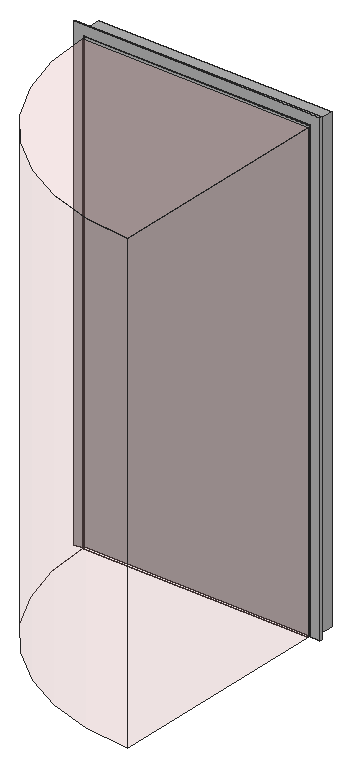
Revit family "ASSA ABLOY - ALPE PLUS Sp 60-1, single-leaf, angular frame", category Doors, host Wall, Revit 2021
Family settings
  Host = Wall
  OmniClass Number = 23.30.10.00
  OmniClass Title = Doors
  Always vertical = Yes
  Cut with Voids When Loaded = No
  Shared = No
  Room Calculation Point = No
Parameters (values of type "900 x 2000 (912 x 2008)")
  URL = "https://www.assaabloy.com/pl/pl"
  Type Comments = "Door leaf made of two pressed galvanised steel sheets 1,25mm thick, reinforced with steel profile. Filled with mineral wool glued to the sheets with polyurethane adhesive. Non-rebated door."
  Symbol Radius = Door Leaf Width + 6.500 mm  # 1000.500 mm
  Rough Width Real = Width Round + Rough Width Conversion + Rough Width Adjustment  # 1028.000 mm
  Rough Width Conversion = 128.000 mm  # constant formula
  Rough Width Adjustment = 0.000 mm  # constant formula
  Rough Height Real = Height Round + Rough Height Conversion + Rough Height Adjustment  # 2042.000 mm
  Rough Height Conversion = 42.000 mm  # constant formula
  Rough Height Adjustment = 0.000 mm  # constant formula
  Opening Zone [instance] = yes
  Model = "Doorset_Steel non-rebated door evacuation door (EN 1125)_ASSA ABLOY Opening Solutions_Hardware 3D"
  Hinges Material = Default steel
  HW Item 8 = "1x 206253: Vercy door stopper, max 120 kg_ASSA ABLOY (option) "
  Frame Finish [instance] = ""
  Fire Rating NFR (0) = [Fire Rating - Set Value (0-2)] = 0  # yes
  Fire Rating EI60 (2) = [Fire Rating - Set Value (0-2)] = 2  # no
  Fire Rating EI30 (1) = [Fire Rating - Set Value (0-2)] = 1  # no
  Fire Rating - Set Value (0-2) = 0
  Fire Rating = if([Fire Rating NFR (0)], "NFR", if([Fire Rating EI30 (1)], "EI30", if([Fire Rating EI60 (2)], "EI60", "0")))  # "NFR"
  Width Round = roundup((Width / 5.000 mm)) * 5.000 mm  # 900.000 mm
  Thickness = 60.000 mm  # constant formula
  Smoke Rating = "Sa, S200 (optional)"
  Rough Width = Width Round + 12.000 mm + Rough Width Conversion + Rough Width Adjustment  # 1040.000 mm
  Rough Height = Height Round + 8.000 mm + Rough Height Conversion + Rough Height Adjustment  # 2050.000 mm
  Readme = "The actual lintel height is consistent with the Rough Height parameter.\nThe final HW Set should be consistent with the function of the door and its  parameters.\nHardware mounted on door surface may affect the clear passage opening. For verification, please contact the specification department.\nFor the corner door frame installed in a steel structure and plasterboard walls, add 3 cm per each leaf to the width of the Rough Width opening."
  Provider = "ASSA ABLOY Opening Solutions"
  Product Group = "Single-Steel-Non rebated-Evacuation (EN 1125)"
  Name = "Steel non-rebated door evacuation door (EN 1125)"
  Min Door Width = 510.000 mm
  Min Door Height = 1635.000 mm
  Mechanical Strength = 4
  Max Door Width = 1150.000 mm
  Max Door Height = 2400.000 mm
  Manufacturer = "ASSA ABLOY"  # constant formula
  IfcExportType = "USERDEFINED"
  IfcExportAs = "IfcDoorType"
  Height Round = roundup((Height / 5.000 mm)) * 5.000 mm  # 2000.000 mm
  Hardware Set = "1.15PL"
  HW Item 7 = "1x H704: U-shape single handle, round rosette,  class 4 (EN1906), stainless steel_ASSA ABLOY"
  HW Item 6 = "1x N2000: One System panic device (EN1125), type A (crossbar)_ASSA ABLOY"
  HW Item 5 = "1x SK6 Radius: euro profile cylinder_IKON"
  HW Item 4 = "1x N11xx: mechanical, panic mortice lockcase_ASSA ABLOY"
  HW Item 3 = "1x A153: mechanical opening damper_ASSA ABLOY (option)"
  HW Item 2 = "1x G195: door closer guide rail_ASSA ABLOY"
  HW Item 1 = "1x DC700/ DC500: door closer, Cam-Motion®_ASSA ABLOY"
  Function = Interior
  Height = 2000.000 mm
  Wall Closure = By host
  Width = 900.000 mm
  Frame Type = "Welded steel corner frame, made of galvanised sheet 1,8mm thick."
  Frame Material = Default steel
  Family name = "1.15_DOORSET_ALPE PLUS Sp 60-1_SINGLE-LEAF_CORNER FRAME_ASSA ABLOY PL"
  Environmental Product Declaration (EPD) = "To be confirmed with Provider"  # constant formula
  Environmental Management System = "To be confirmed with Provider"  # constant formula
  Edition number = "1"
  Door Type = "ALPE PLUS Sp 60-1"
  Door Material = Default steel
  Door Leaf Width = Width Round + 94.000 mm + Rough Width Adjustment  # 994.000 mm
  Door Finish Push Side [instance] = ""
  Door Finish Pull Side [instance] = ""
  Description = "ALPE PLUS Sp 60-1, door leaf made of two pressed galvanised steel sheets 1,25mm thick, reinforced with steel profile. Filled with mineral wool glued to the sheets with polyurethane adhesive. Non-rebated door. Stainless steel hinges with 3D regulation. Mechanical durability – class C5 according to PN-EN 16034:2014. Mechanical strength – class 4 according to PN-EN 1192:2001. Welded steel corner frame, made of galvanised sheet 1,8mm thick."
  Date of publishing = ""
  Contact Provider = "https://www.assaabloy.com/pl/pl/solutions/topics/bim-specification/contact"
  Brand = "ASSA ABLOY Mercor Doors Sp. z o. o."  # constant formula
  Author = "www.archispace.pl"
Types (5, lengths in mm): name | Symbol Radius | Rough Width Real | Rough Height Real | Width Round | Rough Width | Rough Height | Height Round | Height | Width | Door Leaf Width
  900 x 2100 (912 x 2108) | 1000.500 | 1028.000 | 2142.000 | 900.000 | 1040.000 | 2150.000 | 2100.000 | 2100.000 | 900.000 | 994.000
  510 x 1635 (522 x 1643) | 610.500 | 638.000 | 1677.000 | 510.000 | 650.000 | 1685.000 | 1635.000 | 1635.000 | 510.000 | 604.000
  900 x 2000 (912 x 2008) | 1000.500 | 1028.000 | 2042.000 | 900.000 | 1040.000 | 2050.000 | 2000.000 | 2000.000 | 900.000 | 994.000
  1000 x 2100 (1012 x 2108) | 1100.500 | 1128.000 | 2142.000 | 1000.000 | 1140.000 | 2150.000 | 2100.000 | 2100.000 | 1000.000 | 1094.000
  1150 x 2400 (1162 x 2408) | 1250.500 | 1278.000 | 2442.000 | 1150.000 | 1290.000 | 2450.000 | 2400.000 | 2400.000 | 1150.000 | 1244.000
Reference planes
  plane 1: y = 0
  plane 2 "Center (Left/Right)": x = 0
  plane 3: z = 2050
  plane 4 "Exterior": y = 120
  plane 5 "Interior": y = -120
  plane 6: x = -514
  plane 7: x = 514
  plane 8: z = 2000
  plane 9: y = -129
  plane 10: x = -497
  plane 11: x = 497
  plane 12: z = 2025
  plane 13: z = 5
  plane 14: y = -142
  plane 15: x = 503.5
  plane 16: x = -520
  plane 17: x = 520
  plane 18: x = -472
  plane 19: x = 472
  plane 20: z = 2042
  plane 21: y = -64
  plane 22: y = -53
  plane 23: y = -28.4
  plane 24: y = -24.9
Forms (mm)
  Sweep 1, solid, material "Default steel" <- "Frame Material"
    path origin (0, -120, 0) x (1, 0, 0) y (0, 0, 1)
      loop
        line (-514, 0) -> (-514, 2042) -> (514, 2042) -> (514, 0)
    profile origin (-514, -120, 1021) x (-1, 0, 0) y (0, -1, 0)
      loop
        line (-12, -56) -> (-21.5, -56) -> (-21.5, -67) -> (-36.5, -67) -> (-36.5, -56) -> (-42, -56) -> (-42, -95.1) -> (-10, -95.1) -> (-10, -91.6) -> (0, -91.6) -> (0, 0) -> (30, 0) -> (30, 9) -> (-12, 9) -> (-12, -56)
  Sweep 2, solid, material "Default steel" <- "Door Material"
    path origin (-5000, -120, 0) x (1, 0, 0) y (0, 0, 1)
      loop
        line (5000, 5) -> (5000, 2025)
    profile origin (0, -120, 1015) x (-1, 0, 0) y (0, -1, 0)
      loop
        line (497, -53.5) -> (497, 8.5) -> (-497, 8.5) -> (-497, -53.5) -> (497, -53.5)
  Sweep 3, solid, material "Opening zone", visible <- "Opening Zone"
    path origin (-5000, 0, 0) x (-1, 0, 0) y (0, 0, 1)
      loop
        line (-5000, 5) -> (-5000, 2025)
    profile origin (0, 0, 1015) x (1, 0, 0) y (0, 1, 0)
      loop
        line (503.5, -142) -> (-497, -142)
        arc (-497, -142) -> (-203.96, -849.46) -> (503.5, -1142.5) r 1000.5
        line (503.5, -1142.5) -> (503.5, -142)
Lines and regions (mm)
  Masking region 1, detail levels fine
    outline origin (-1177.682, -300, 2052) x (-1, 0, 0) y (0, -1, 0)
      loop
        line (-675.682, -236) -> (-685.182, -236) -> (-685.182, -247) -> (-700.182, -247) -> (-700.182, -236) -> (-705.682, -236) -> (-705.682, -275.1) -> (-673.682, -275.1) -> (-673.682, -271.6) -> (-663.682, -271.6) -> (-663.682, -180) -> (-633.682, -180) -> (-633.682, -171) -> (-675.682, -171) -> (-675.682, -236)
      loop
        line (-1679.682, -236) -> (-1679.682, -171) -> (-1721.682, -171) -> (-1721.682, -180) -> (-1691.682, -180) -> (-1691.682, -271.6) -> (-1681.682, -271.6) -> (-1681.682, -275.1) -> (-1649.682, -275.1) -> (-1649.682, -236) -> (-1655.182, -236) -> (-1655.182, -247) -> (-1670.182, -247) -> (-1670.182, -236) -> (-1679.682, -236)
  Masking region 2, detail levels medium
    outline origin (-1132.682, -300, 2052) x (-1, 0, 0) y (0, -1, 0)
      loop
        line (-618.682, -275.1) -> (-618.682, -180) -> (-588.682, -180) -> (-588.682, -171) -> (-660.682, -171) -> (-660.682, -275.1) -> (-618.682, -275.1)
      loop
        line (-1646.682, -275.1) -> (-1604.682, -275.1) -> (-1604.682, -171) -> (-1676.682, -171) -> (-1676.682, -180) -> (-1646.682, -180) -> (-1646.682, -275.1)
  Masking region 3, detail levels fine
    outline origin (-1132.682, -300, 2052) x (-1, 0, 0) y (0, -1, 0)
      loop
        circle (-1636.182, -158) r 10
  Opening 1
    outline origin (-5000, -120, 0) x (1, 0, 0) y (0, 0, 1)
      loop
        line (4480, 2050) -> (4480, 0) -> (5520, 0) -> (5520, 2050) -> (4480, 2050)
  symbolic lines, style "Elevation Swing"
    curve 1: line (-472, -120, 1025) -> (472, -120, 2000)
    curve 2: line (-472, -120, 1025) -> (472, -120, 5)
Text (mm)
  text "Exterior" at (-1376.75, 1099.543, 0), in view "Ref. Level"
  text "Exterior" at (0, 1615.38, 3698.081), in view "Left"
  text "Exterior" at (0, 1036.032, 3874.932), in view "Right"
Dimensions and locks
  "Rough Height": plane 3 to host wall
  equal spacing: host wall, curve 2, plane 3
  host wall to plane 3 = 2050.000 mm
  locked: plane 4 "Exterior" to host wall
  locked: plane 5 "Interior" to host wall
  equal spacing: plane 6, plane 2 "Center (Left/Right)", plane 7
  "Rough Width Real": plane 6 to plane 7
  "Height": plane 8 to level
  locked: plane 9 to plane 5 "Interior" at 9
  locked: plane 11 to plane 7 at 17
  locked: plane 13 to level at 5
  locked: plane 14 to plane 5 "Interior" at 22
  locked: plane 15 to plane 7 at 10.5
  equal spacing: plane 17, plane 2 "Center (Left/Right)", plane 16
  "Rough Width": plane 17 to plane 16
  locked: plane 6 to plane 10 at 17
  locked: plane 6 to plane 18 at 42
  locked: plane 19 to plane 7 at 42
  "Rough Height Real": plane 20 to level
  locked: plane 20 to plane 12 at 17
  locked: plane 5 "Interior" to plane 21 at 56
  locked: plane 22 to plane 21 at 11
  locked: plane 23 to plane 22 at 24.6
  locked: plane 24 to plane 23 at 3.5
  locked: Masking region 1 sketch curve to plane 6 at 30
  locked: plane 6 to Masking region 1 sketch curve at 12
  locked: plane 6 to Masking region 1 sketch curve at 21.5
  locked: plane 6 to Masking region 1 sketch curve at 36.5
  locked: plane 6 to Masking region 1 sketch curve at 42
  locked: plane 6 to Masking region 1 sketch curve at 10
  locked: plane 7 to Masking region 1 sketch curve at 30
  locked: Masking region 1 sketch curve to plane 7 at 12
  locked: Masking region 1 sketch curve to plane 7 at 21.5
  locked: Masking region 1 sketch curve to plane 7 at 36.5
  locked: Masking region 1 sketch curve to plane 7 at 42
  locked: Masking region 1 sketch curve to plane 7 at 10
  locked: Masking region 2 sketch curve to plane 6 at 30
  locked: plane 6 to Masking region 2 sketch curve at 42
  locked: Masking region 2 sketch curve to plane 7 at 42
  locked: plane 7 to Masking region 2 sketch curve at 30
  locked: Sweep 1 sketch curve to plane 6 at 30
  locked: plane 6 to Sweep 1 sketch curve at 12
  locked: plane 6 to Sweep 1 sketch curve at 21.5
  locked: plane 6 to Sweep 1 sketch curve at 36.5
  locked: plane 6 to Sweep 1 sketch curve at 42
  locked: plane 6 to Sweep 1 sketch curve at 10
  "Symbol Radius": radius of Sweep 3 sketch curve
  aligned and locked: plane 1 to host wall
  aligned and locked: level to Sweep 1 sketch curve  (x2)
  aligned and locked: Sweep 1 sketch curve to plane 6  (x2)
  aligned and locked: plane 7 to Sweep 1 sketch curve
  aligned and locked: plane 2 "Center (Left/Right)" to Sweep 2 sketch curve
  aligned and locked: nested 1 to plane 2 "Center (Left/Right)"
  aligned and locked: plane 5 "Interior" to nested 1
  aligned and locked: plane 2 "Center (Left/Right)" to Sweep 3 sketch curve
  aligned and locked: plane 12 to Sweep 2 sketch curve
  aligned and locked: plane 11 to Sweep 2 sketch curve
  aligned and locked: plane 10 to Sweep 2 sketch curve
  aligned and locked: plane 14 to Masking region 3 sketch curve
  aligned and locked: plane 14 to Sweep 3 sketch curve
  aligned and locked: plane 15 to Masking region 3 sketch curve
  aligned and locked: Sweep 3 sketch curve to plane 15
  aligned and locked: level to Opening 1 sketch curve
  aligned and locked: plane 3 to Opening 1 sketch curve
  aligned and locked: plane 16 to Opening 1 sketch curve
  aligned and locked: Opening 1 sketch curve to plane 17
  aligned and locked: Sweep 1 sketch curve to plane 20
  aligned and locked: plane 13 to Sweep 2 sketch curve
  aligned and locked: plane 23 to Masking region 1 sketch curve
  aligned and locked: plane 24 to Masking region 1 sketch curve
  aligned and locked: Masking region 1 sketch curve to plane 22
  aligned and locked: Masking region 1 sketch curve to plane 21  (x2)
  aligned and locked: plane 21 to Masking region 1 sketch curve  (x2)
  aligned and locked: plane 9 to Masking region 1 sketch curve
  aligned and locked: plane 5 "Interior" to Masking region 1 sketch curve
  aligned and locked: Masking region 1 sketch curve to plane 6
  aligned and locked: Masking region 1 sketch curve to plane 24
  aligned and locked: Masking region 1 sketch curve to plane 23
  aligned and locked: plane 22 to Masking region 1 sketch curve
  aligned and locked: Masking region 1 sketch curve to plane 9
  aligned and locked: Masking region 1 sketch curve to plane 5 "Interior"
  aligned and locked: Masking region 2 sketch curve to plane 6
  aligned and locked: Sweep 1 sketch curve to plane 21
  aligned and locked: plane 21 to Sweep 1 sketch curve
  aligned and locked: Sweep 1 sketch curve to plane 22
  aligned and locked: plane 24 to Sweep 1 sketch curve
  aligned and locked: plane 23 to Sweep 1 sketch curve
  aligned and locked: plane 9 to Sweep 1 sketch curve
  aligned and locked: profile plane to Sweep 1 sketch curve
  aligned and locked: Masking region 2 sketch curve to plane 24
  aligned and locked: plane 24 to Masking region 2 sketch curve
  aligned and locked: plane 12 to Sweep 3 sketch curve
  aligned and locked: plane 13 to Sweep 3 sketch curve
  aligned and locked: plane 13 to curve 2
  aligned and locked: plane 18 to curve 2
  aligned and locked: plane 19 to curve 2
  aligned and locked: plane 19 to curve 1
  aligned and locked: plane 8 to curve 1
Automatic sketch dimensions
  Sweep 2 sketch curve to profile plane = 53.500 mm
  profile plane to Sweep 2 sketch curve = 8.500 mm
  Masking region 1 sketch curve to plane 7 = 0.000 mm
  Masking region 2 sketch curve to plane 9 = 0.000 mm  (x2)
  host wall to Masking region 2 sketch curve = 0.000 mm  (x2)
  Masking region 2 sketch curve to plane 7 = 0.000 mm
  radius of Masking region 3 sketch curve = 10.000 mm
Nested families
  nested 1: "Detail_Door symbol" at (0, -120, 2052), type "Detail_Door symbol"
Definition of nested family "Detail_Door symbol"
  Parameters (values of type "Detail_Door symbol")
    Symbol Radius = Door Leaf Width + 13.500 mm  # 967.250 mm
    Rough Width = 1028.000 mm
    Door Leaf Width = 953.750 mm
  Reference planes
    plane 1 "Center (Front/Back)": y = 0
    plane 2: z = 0
    plane 3 "Center (Left/Right)": x = 0
    plane 4: x = -514
    plane 5: x = 514
    plane 6: y = -22
    plane 7: x = 503.5
    plane 8: x = 490
    plane 9: x = 428
    plane 10: y = -28.5
    plane 11: y = -982.25
    plane 12: y = -580.162
    plane 13: x = -555.462
  Lines and regions (mm)
    Filled region 1, type "Solid Fill - White", in view "Ref. Level", detail levels medium+fine
      outline origin (-88.5, 43.059, 0) x (0, 1, 0) y (-1, 0, 0)
        loop
          line (-71.559, -578.5) -> (-71.559, -516.5) -> (-1025.309, -516.5) -> (-1025.309, -578.5) -> (-71.559, -578.5)
    detail lines, in view "Ref. Level"
      curve 1: arc (503.5, -989.25, 0) -> (-180.449, -705.949, 0) -> (-463.75, -22, 0) r 967.25
    detail lines, in view "Ref. Level", detail levels coarse
      curve 2: line (503.5, -989.25, 0) -> (503.5, -22, 0)
  Dimensions and locks
    equal spacing: plane 4, plane 3 "Center (Left/Right)", plane 5
    "Rough Width": plane 4 to plane 5
    locked: plane 6 to plane 1 "Center (Front/Back)" at 22
    locked: plane 10 to plane 1 "Center (Front/Back)" at 28.5
    "Door Leaf Width": plane 10 to plane 11
    locked: plane 7 to plane 5 at 10.5
    locked: plane 8 to plane 5 at 24
    locked: plane 9 to plane 8 at 62
    "Symbol Radius": radius of curve 1
    aligned and locked: plane 6 to curve 1
    aligned and locked: plane 10 to Filled region 1 sketch curve
    aligned and locked: Filled region 1 sketch curve to plane 8
    aligned and locked: Filled region 1 sketch curve to plane 9
    aligned and locked: Filled region 1 sketch curve to plane 11
    aligned and locked: plane 6 to curve 2
    aligned and locked: curve 2 to plane 7
